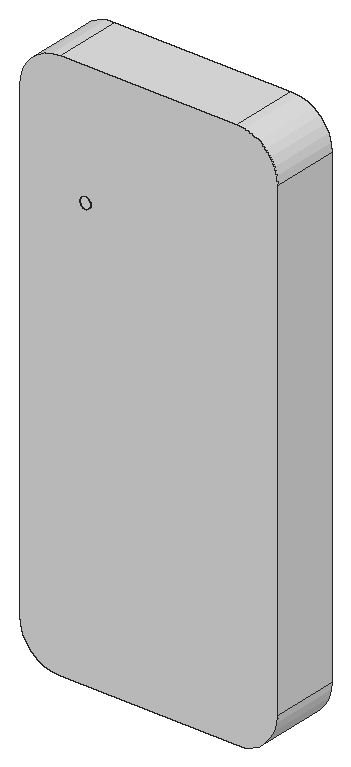
Revit family "Считыватель AGRG AXI 2_тип модель", category Охранная сигнализация, Revit 2019
Family settings
  Сохранять ориентацию аннотаций = Нет
  Размер круглого соединителя = Использовать диаметр
  Тип детали = Нормальный
  На основе рабочей плоскости = Нет
  Всегда вертикально = Да
  При загрузке вырезать с полостями = Нет
  Общий = Нет
  Точка расчета площади = Нет
Parameters (values of type "Считыватель AGRG AXI 2 «Арктический белый»")
  Стоимость = 14250
  Нанесение на считыватель узора, текстуры или логотипа заказчика [instance] = no
  Нанесение на считыватель узора из галереи сайта AGRG [instance] = no
  Материал = Пластмасса, непрозрачная, белая
  УГО_Наличие [instance] = no
  Отступ по X [instance] = УГО_Отступ по X * 10 + 4000 mm  # 4010 mm
  УГО_Отступ по X [instance] = 1 mm
  Отступ по Y [instance] = УГО_Отступ по Y * 10 + 4000 mm  # 4300 mm
  УГО_Отступ по Y [instance] = 30 mm
  Описание = "ITV"  # constant formula
  Корпус из массива дерева (из галереи AGRG) [instance] = no
  Изображение типоразмера = RC.png
  Выбор цвета корпуса (акрил) из галереи AGRG [instance] = no
  Вертикально [instance] = yes
  URL = "https://skud.agrg.ru/readers/axi-2"
  ITV_SUB_УГО на структурной схеме = "УГО_Считыватель"  # constant formula
  ADSK_Ток тревожного режима [instance] = 0.05 A
  ADSK_Ток дежурного режима [instance] = 0.05 A
  ADSK_Принадлежность к разделу [instance] = ""
  ADSK_Примечание [instance] = ""
  ADSK_Полная мощность [instance] = ADSK_Номинальная мощность / ADSK_Коэффициент мощности  # 0 VA
  ADSK_Позиция [instance] = ""
  ADSK_Обозначение = "RC"  # constant formula
  ADSK_Номинальная мощность [instance] = 0 W
  ADSK_Номер устройства [instance] = ""
  ADSK_Номер точки доступа [instance] = ""
  ADSK_Номер контроллера [instance] = ""
  ADSK_Нижний порог напряжения = 9 V
  ADSK_Напряжение [instance] = 12 V  # constant formula
  ADSK_Наименование краткое = "Считыватель бесконтактных карт"
  ADSK_Наименование = "Считыватель для СКУД AGRG AXI 2 \"Арктический белый\"; Форматы карт: MIFARE (UID);Mifare Mini, Mifare Classic, Mifare Plus SL1/SL3, Mifare DESFire (UID и чтение из защищенной области);Mifare ID (UID и чтение из защищенной области, только рабочие карты);I-CODE (ISO15693) (UID);EM-Marine (UID);HID 125 кГц (UID);Indala (Motorola) (UID) Размер, мм: 82х38х10; IP54; -40 … +50 гр. Материал корпуса: искусственный камень на базе акрила."
  ADSK_Масса = 0.06  # constant formula
  ADSK_Марка = "AGRG AXI"  # constant formula
  ADSK_Коэффициент мощности [instance] = 1
  ADSK_Количество фаз [instance] = 1
  ADSK_Количество = 1  # constant formula
  ADSK_Код изделия = "AXI2AW"
  ADSK_Классификация нагрузок [instance] = Прочее
  ADSK_Имя источника питания [instance] = ""
  ADSK_Завод-изготовитель = "ООО «Агрегатор»"  # constant formula
  ADSK_Единица измерения = "шт."  # constant formula
  ADSK_Группирование = "1. Оборудование"  # constant formula
  ADSK_Верхний порог напряжения = 15 V
  ADSK_Версия семейства = ""
Types (3, lengths in mm): name | Материал | ADSK_Наименование | ADSK_Код изделия
  Считыватель AGRG AXI 2 «Арктический белый» | Пластмасса, непрозрачная, белая | "Считыватель для СКУД AGRG AXI 2 \"Арктический белый\"; Форматы карт: MIFARE (UID);Mifare Mini, Mifare Classic, Mifare Plus SL1/SL3, Mifare DESFire (UID и чтение из защищенной области);Mifare ID (UID и чтение из защищенной области, только рабочие карты);I-CODE (ISO15693) (UID);EM-Marine (UID);HID 125 кГц (UID);Indala (Motorola) (UID) Размер, мм: 82х38х10; IP54; -40 … +50 гр. Материал корпуса: искусственный камень на базе акрила." | "AXI2AW"
  Считыватель AGRG AXI 2 «Люксовый Мандарин» | Пластмасса, непрозрачная, оранжевая | "Считыватель для СКУД AGRG AXI 2 \"Люксовый мандарин\"; Форматы карт: MIFARE (UID);Mifare Mini, Mifare Classic, Mifare Plus SL1/SL3, Mifare DESFire (UID и чтение из защищенной области);Mifare ID (UID и чтение из защищенной области, только рабочие карты);I-CODE (ISO15693) (UID);EM-Marine (UID);HID 125 кГц (UID);Indala (Motorola) (UID) Размер, мм: 82х38х10; IP54; -40 … +50 гр. Материал корпуса: искусственный камень на базе акрила." | "AXI2LM"
  Считыватель AGRG AXI 2 «Имперский черный» | Пластмасса, непрозрачная, черная | "Считыватель для СКУД AGRG AXI 2 \"Имперский черный\"; Форматы карт: MIFARE (UID);Mifare Mini, Mifare Classic, Mifare Plus SL1/SL3, Mifare DESFire (UID и чтение из защищенной области);Mifare ID (UID и чтение из защищенной области, только рабочие карты);I-CODE (ISO15693) (UID);EM-Marine (UID);HID 125 кГц (UID);Indala (Motorola) (UID) Размер, мм: 82х38х10; IP54; -40 … +50 гр. Материал корпуса: искусственный камень на базе акрила." | "AXI2IBL"
Reference planes
  plane 1 "По центру (Вперед/Назад)": y = 0
  plane 2: z = 0
  plane 3 "По центру (Влево/Вправо)": x = 0
  plane 4: x = -4000
  plane 5: y = 4000
Forms (mm)
  Extrusion 1, solid, not visible
    sketch origin (0, -88.457, 0) x (1, 0, 0) y (0, 1, 0)
      loop
        line (42.426, 79.151) -> (42.426, 97.763) -> (-42.426, 97.763) -> (-42.426, 79.151) -> (42.426, 79.151)
    from 0 to -50
Lines and regions (mm)
  reference lines
    curve 1: line (10, -297, 0) -> (10, -303, 0)
    curve 2: line (8, -300, 0) -> (12, -300, 0)
Dimensions and locks
  "Отступ по X": plane 4 to curve 1
  "Отступ по Y": curve 2 to plane 5
  aligned and locked: level to plane 2
  aligned and locked: curve 1 to nested 1
  aligned and locked: nested 1 to curve 1  (x2)
  aligned and locked: nested 1 to curve 2  (x3)
Automatic sketch dimensions
  plane 1 "По центру (Вперед/Назад)" to Extrusion 1 sketch curve = 9.306 mm
  Extrusion 1 sketch curve to plane 3 "По центру (Влево/Вправо)" = 42.426 mm
  Extrusion 1 sketch curve to plane 1 "По центру (Вперед/Назад)" = 9.306 mm
  plane 3 "По центру (Влево/Вправо)" to Extrusion 1 sketch curve = 42.426 mm
  curve 2 to curve 1 = 2 mm
  curve 1 to curve 2 = 2 mm
  curve 1 to curve 2 = 3 mm
  curve 2 to curve 1 = 3 mm
Nested families
  nested 1: "УГО_Считыватель_для модели_типовая аннотация" at (10, -300, 0), visible <- "УГО_Наличие", type "УГО_Считыватель_для модели_типовая аннотация", detail levels coarse+medium
    with Считыватель с клавиатурой no, Считыватель климатический no
  nested 2: "AGRG AXI 1-AGRG AXI 2_на грани" at (0, 0, -41) x (1, 0, 0) z (0, -1, 0), Материал <- "Материал", type "AGRG AXI 1-AGRG AXI 2_на грани", detail levels fine
    with Материал Пластмасса, непрозрачная, белая
  nested 3: "AGRG AXI 1-AGRG AXI 2_на грани" at (0, 41, 0), Материал <- "Материал", type "AGRG AXI 1-AGRG AXI 2_на грани", not visible, detail levels fine
    with Материал Пластмасса, непрозрачная, белая
  nested 4: "AXI CUSTOM_тип модель" at (-2, -1, -6), visible <- "Корпус из массива дерева (из галереи AGRG)", ADSK_Группирование <- "ADSK_Группирование", ADSK_Принадлежность к разделу <- "ADSK_Принадлежность к разделу", type "Корпус из массива дерева (из галереи AGRG)"
    with ADSK_Принадлежность к разделу "", ADSK_Группирование "1. Оборудование"
  nested 5: "AXI CUSTOM_тип модель" at (-6.012, -1, -6), visible <- "Выбор цвета корпуса (акрил) из галереи AGRG", ADSK_Группирование <- "ADSK_Группирование", ADSK_Принадлежность к разделу <- "ADSK_Принадлежность к разделу", type "Выбор цвета корпуса (акрил) из галереи AGRG"
    with ADSK_Принадлежность к разделу "", ADSK_Группирование "1. Оборудование"
  nested 6: "AXI CUSTOM_тип модель" at (2, -1, -6) x (-1, 0, 0) z (0, 0, 1), visible <- "Нанесение на считыватель узора из галереи сайта AGRG", ADSK_Группирование <- "ADSK_Группирование", ADSK_Принадлежность к разделу <- "ADSK_Принадлежность к разделу", type "Нанесение на считыватель узора из галереи сайта AGRG"
    with ADSK_Принадлежность к разделу "", ADSK_Группирование "1. Оборудование"
  nested 7: "AXI CUSTOM_тип модель" at (6.012, -1, -6) x (-1, 0, 0) z (0, 0, 1), visible <- "Нанесение на считыватель узора, текстуры или логотипа заказчика", ADSK_Группирование <- "ADSK_Группирование", ADSK_Принадлежность к разделу <- "ADSK_Принадлежность к разделу", type "Нанесение на считыватель узора, текстуры или логотипа заказчика"
    with ADSK_Принадлежность к разделу "", ADSK_Группирование "1. Оборудование"
Connectors
  electrical at (0, 0, 0), driven by "ADSK_Количество фаз", driven by "ADSK_Классификация нагрузок", driven by "ADSK_Напряжение", driven by "ADSK_Полная мощность", driven by "ADSK_Коэффициент мощности"
    settings: on Extrusion 1, index 2, voltage 12 V, apparent load 0 VA, apparent load phase1 0 VA, apparent load phase2 0 VA, apparent load phase3 0 VA, power factor 1, load classification "Прочее", number of poles 1, system type 10, power factor state 1, is connector primary yes, connector utility no, sub classification motor no, connector description ""
  electrical at (0, 0, 0), driven by "ADSK_Коэффициент мощности", driven by "ADSK_Полная мощность", driven by "ADSK_Напряжение", driven by "ADSK_Классификация нагрузок", driven by "ADSK_Количество фаз"
    settings: on Extrusion 1, index 3, voltage 12 V, apparent load 0 VA, apparent load phase1 0 VA, apparent load phase2 0 VA, apparent load phase3 0 VA, power factor 1, load classification "Прочее", number of poles 1, system type 30, power factor state 1, is connector primary no, connector utility no, sub classification motor no, connector description ""
Definition of nested family "AGRG AXI 1-AGRG AXI 2_на грани"
  Parameters (values of type "AGRG AXI 1-AGRG AXI 2_на грани")
    Default Elevation = 1219.2 mm
    Материал [instance] = none
  Reference planes
    plane 1 "По центру (Вперед/Назад)": y = 0
    plane 2: z = 0
    plane 3 "По центру (Влево/Вправо)": x = 0
    plane 4: x = -19
    plane 5: y = 41
    plane 6: x = 19
    plane 7: y = -41
  Forms (mm)
    Extrusion 1, solid
      sketch origin (0, 0, 0) x (1, 0, 0) y (0, 1, 0)
        loop
          line (-1219.2, 1219.2) -> (-1219.2, -1219.2) -> (1219.2, -1219.2) -> (1219.2, 1219.2) -> (-1219.2, 1219.2)
      from 0 to -304.8
    Extrusion 2, solid, material <- "Материал"
      sketch origin (0, 0, 0) x (1, 0, 0) y (0, 1, 0)
        loop
          line (-19, 35) -> (-19, -35.026)
          arc (-19, -35.026) -> (-17.25, -39.25) -> (-13.026, -41) r 5.974
          line (-13.026, -41) -> (13, -41)
          arc (13, -41) -> (17.243, -39.243) -> (19, -35) r 6
          line (19, -35) -> (19, 35)
          arc (19, 35) -> (17.243, 39.243) -> (13, 41) r 6
          line (13, 41) -> (-13, 41)
          arc (-13, 41) -> (-17.243, 39.243) -> (-19, 35) r 6
      from 0 to 10
    Extrusion 3, void
      sketch origin (0, 0, 0) x (1, 0, 0) y (0, 1, 0)
        loop
          circle (-9.343, 22.812) r 0.8
      from 9 to 10
    Extrusion 4, void
      sketch origin (0, 0, 0) x (1, 0, 0) y (0, 0, 1)
        loop
          circle (0, 3.5) r 1.683
      from 40 to 41
    Extrusion 5, solid
      sketch origin (0, 0, 0) x (1, 0, 0) y (0, 1, 0)
        loop
          circle (-9.343, 22.812) r 0.8
      from 9 to 10
  Cuts and joins
    Extrusion 3, Extrusion 4 cuts Extrusion 2
  Dimensions and locks
    equal spacing: plane 4, plane 3 "По центру (Влево/Вправо)", plane 6
    Extrusion 4 sketch curve to Extrusion 1 = 3.5 mm
    aligned and locked: plane 2 to Extrusion 1
    aligned and locked: level to Extrusion 1
    aligned and locked: Extrusion 2 sketch curve to plane 4
    aligned and locked: Extrusion 2 sketch curve to plane 5
    aligned and locked: plane 6 to Extrusion 2 sketch curve
    aligned and locked: plane 7 to Extrusion 2 sketch curve
  Automatic sketch dimensions
    Extrusion 1 sketch curve to Extrusion 1 sketch curve = 2438.4 mm  (x2)
    plane 4 to Extrusion 2 sketch curve = 5.974 mm
    Extrusion 2 sketch curve to Extrusion 2 sketch curve = 6 mm
    plane 6 to Extrusion 2 sketch curve = 6 mm  (x2)
    Extrusion 3 sketch curve to plane 3 "По центру (Влево/Вправо)" = 9.343 mm
    Extrusion 3 sketch curve to plane 5 = 18.188 mm
    Extrusion 4 sketch curve to plane 3 "По центру (Влево/Вправо)" = 0 mm
    Extrusion 5 sketch curve to Extrusion 5 sketch curve = 0 mm  (x2)
    Extrusion 5 sketch curve to plane 3 "По центру (Влево/Вправо)" = 9.343 mm
    Extrusion 5 sketch curve to plane 5 = 18.188 mm
    Extrusion 5 sketch curve to Extrusion 5 sketch curve = 0.8 mm
    radius of Extrusion 3 sketch curve = 0.8 mm
    radius of Extrusion 4 sketch curve = 1.683 mm
Definition of nested family "AXI CUSTOM_тип модель"
  Parameters (values of type "Корпус из массива дерева (из галереи AGRG)")
    Description = "ITV"  # constant formula
    ADSK_Принадлежность к разделу [instance] = ""
    ADSK_Наименование = "Корпус из массива дерева (из галереи AGRG)"
    ADSK_Масса = 0
    ADSK_Марка = "AGRG AXI CUSTOM"
    ADSK_Количество = 1
    ADSK_Код изделия = "AXICSTWBX"
    ADSK_Завод-изготовитель = "ООО «Агрегатор»"  # constant formula
    ADSK_Единица измерения = "шт."  # constant formula
    ADSK_Группирование [instance] = ""
  Types (5, lengths in mm): name | ADSK_Наименование | ADSK_Код изделия
    (no name) | "Корпус из массива дерева (из галереи AGRG)" | "AXICSTWBX"
    Нанесение на считыватель узора из галереи сайта AGRG | "Нанесение на считыватель узора из галереи сайта AGRG" | "AXIAGRGPTN"
    Нанесение на считыватель узора, текстуры или логотипа заказчика | "Нанесение на считыватель узора, текстуры или логотипа заказчика" | "AXICSTPTN"
    Выбор цвета корпуса (акрил) из галереи AGRG | "Выбор цвета корпуса (акрил) из галереи AGRG" | "AXICSTBX"
    Корпус из массива дерева (из галереи AGRG) | "Корпус из массива дерева (из галереи AGRG)" | "AXICSTWBX"
  Reference planes
    plane 1 "По центру (Вперед/Назад)": y = 0
    plane 2: z = 0
    plane 3 "По центру (Влево/Вправо)": x = 0
  Forms (mm)
    Extrusion 1, solid, detail levels fine
      sketch origin (0, 0, 0) x (1, 0, 0) y (0, 1, 0)
        loop
          line (-1, 1) -> (-1, -1) -> (1, -1) -> (1, 1) -> (-1, 1)
      from 0 to 2
  Dimensions and locks
    Extrusion 1 sketch curve to plane 3 "По центру (Влево/Вправо)" to Extrusion 1 sketch curve = 1 mm, 1 mm
    Extrusion 1 sketch curve to plane 1 "По центру (Вперед/Назад)" to Extrusion 1 sketch curve = 1 mm, 1 mm
    aligned and locked: level to plane 2
Definition of nested family "УГО_Считыватель_для модели_типовая аннотация"
  Parameters (values of type "УГО_Считыватель_для модели_типовая аннотация")
    Считыватель с клавиатурой [instance] = yes
    Считыватель климатический [instance] = yes
  Reference planes
    plane 1: y = 0
    plane 2: x = 0
  Lines and regions (mm)
    Masking region 1
      outline origin (-2.81, 1, 0) x (0, -1, 0) y (1, 0, 0)
        loop
          line (-2, 0.81) -> (4, 0.81) -> (4, 4.81) -> (-2, 4.81) -> (-2, 0.81)
    Masking region 2, not visible
      outline origin (-2.81, 1, 0) x (0, -1, 0) y (1, 0, 0)
        loop
          line (-16.952, 19.039) -> (-10.952, 19.039) -> (-10.952, 23.039) -> (-16.952, 23.039) -> (-16.952, 19.039)
    Filled region 1, type "Цветовая область 1", visible <- "Считыватель с клавиатурой"
      outline origin (0, 0, 0) x (1, 0, 0) y (0, 1, 0)
        loop
          line (-1.5, 2.5) -> (-1.5, -2.5) -> (1.5, -2.5) -> (1.5, 2.5) -> (-1.5, 2.5)
    Filled region 2, type "Цветовая область 1", visible <- "Считыватель с клавиатурой", not visible
      outline origin (0, 0, 0) x (1, 0, 0) y (0, 1, 0)
        loop
          line (16.729, 17.452) -> (16.729, 12.452) -> (19.729, 12.452) -> (19.729, 17.452) -> (16.729, 17.452)
    detail lines
      curve 1: line (-2, -3, 0) -> (-2, 3, 0)
      curve 2: line (-2, 3, 0) -> (2, 3, 0)
      curve 3: line (0, 3, 0) -> (-2, 3, 0)
      curve 4: line (-2, 3, 0) -> (-2, -3, 0)
      curve 5: line (2, 3, 0) -> (2, -3, 0)
      curve 6: line (2, -3, 0) -> (-2, -3, 0)
      curve 7: line (-2, -3, 0) -> (-2, 3, 0)
      curve 8: line (-2, 3, 0) -> (2, 3, 0)
      curve 21: circle (0, 0, 0) r 0.05 normal (0, 0, 1)
      curve 23: line (-1.5, 2.5, 0) -> (1.5, 2.5, 0)
      curve 24: line (1.5, 2.5, 0) -> (1.5, -2.5, 0)
      curve 25: line (-1.5, -2.5, 0) -> (1.5, -2.5, 0)
      curve 26: line (-1.5, 2.5, 0) -> (-1.5, -2.5, 0)
    detail lines, not visible
      curve 9: line (-2, 0, 0) -> (2, 0, 0)
      curve 10: line (0, 3, 0) -> (0, -3, 0)
      curve 11: line (16.229, 11.952, 0) -> (16.229, 17.952, 0)
      curve 12: line (16.229, 17.952, 0) -> (20.229, 17.952, 0)
      curve 13: line (18.229, 17.952, 0) -> (16.229, 17.952, 0)
      curve 14: line (16.229, 17.952, 0) -> (16.229, 11.952, 0)
      curve 15: line (20.229, 17.952, 0) -> (20.229, 11.952, 0)
      curve 16: line (20.229, 11.952, 0) -> (16.229, 11.952, 0)
      curve 17: line (16.229, 11.952, 0) -> (16.229, 17.952, 0)
      curve 18: line (16.229, 17.952, 0) -> (20.229, 17.952, 0)
      curve 19: line (16.229, 14.952, 0) -> (20.229, 14.952, 0)
      curve 20: line (18.229, 17.952, 0) -> (18.229, 11.952, 0)
      curve 22: circle (18.229, 14.952, 0) r 0.05 normal (0, 0, 1)
      curve 27: line (16.729, 17.452, 0) -> (19.729, 17.452, 0)
      curve 28: line (19.729, 17.452, 0) -> (19.729, 12.452, 0)
      curve 29: line (16.729, 12.452, 0) -> (19.729, 12.452, 0)
      curve 30: line (16.729, 17.452, 0) -> (16.729, 12.452, 0)
    detail lines, visible <- "Считыватель климатический"
      curve 31: line (-1.032, 1.721, 0) -> (0, 0, 0)
      curve 32: line (1.032, -1.721, 0) -> (0, 0, 0)
      curve 33: line (1.032, 1.721, 0) -> (0, 0, 0)
      curve 34: line (-1.032, -1.721, 0) -> (0, 0, 0)
    detail lines, visible <- "Считыватель климатический", not visible
      curve 35: line (17.196, 16.672, 0) -> (18.229, 14.952, 0)
      curve 36: line (19.261, 13.231, 0) -> (18.229, 14.952, 0)
      curve 37: line (19.261, 16.672, 0) -> (18.229, 14.952, 0)
      curve 38: line (17.196, 13.231, 0) -> (18.229, 14.952, 0)
